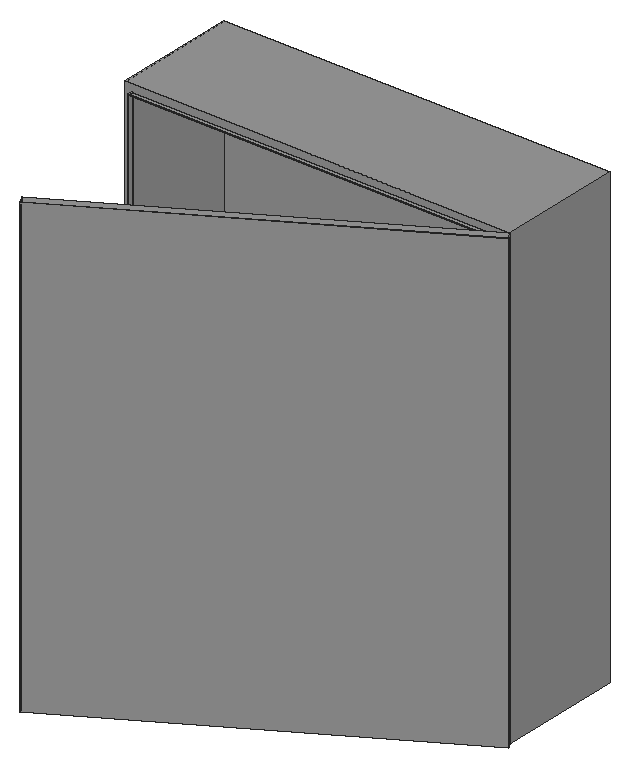
Revit family "Hager-Univers-IP55-D275-H950-Cl.II-Steel_encl-NoHosted-AT-de", category Equipement électrique, Revit 2020
Family settings
  Configuration du panneau = Deux colonnes, circuits au sein
  Cote de connecteur circulaire = Utiliser le diamètre
  Type d'élément = Tableau de raccordement
  Basée sur le plan de construction = Oui
  Toujours verticalement = Oui
  Couper avec des vides une fois chargée = Non
  Partagée = Non
  Point de calcul de pièce = Non
Parameters (values of type "Aufputz IP55 B800 H950 T275  - FR63S")
  Width Control [instance] = if([EF000008 - Breite] > Min Width, [EF000008 - Breite], Min Width)  # 800 mm
  Commentaires du type = [HG000003 - Bereich]  # "Univers"
  Thickness Door [instance] = if([EF009171 - Materialstärke Tür/Deckel] > 3 mm, 3 mm, [EF009171 - Materialstärke Tür/Deckel])  # 1.5 mm
  Seal Frame Offset [instance] = 17 mm  # constant formula
  Plinth Visibility [instance] = [HG000027 - Sockelhöhe] > 0 mm  # no
  Min Width [instance] = 100 mm  # constant formula
  Min Depth [instance] = (2 * [EF009170 - Materialstärke Gehäuse]) + 1 mm  # 4 mm
  Min Height [instance] = 100 mm  # constant formula
  Internal Frame Depth [instance] = (Door System Depth * 0.5)  # 9 mm
  Panel Name [instance] = ""  # (empty or 0)
  Model = ""
  HG000027 - Sockelhöhe = 0 mm
  HG000026 - Stehend auf dem Boden = no
  HG000024 - Höhe des unteren Teils = 600 mm
  HG000023 - Gehäuse mit doppeltem Querschnitt = no
  HG000016 - 3D-Türsichtbarkeit [instance] = yes
  HG000015 - Sichtbarkeit der Türöffnung [instance] = no
  HG000014 - Tür rechts [instance] = yes
  HG000013 - Tür links [instance] = not([HG000014 - Tür rechts])  # no
  HG000012 - Türschwenkwinkel [instance] = 30.00°
  HG000010 - Asymmetrische Türen = no
  HG000009 - Doppelflügeligen Tür = no
  HG000006 - Unterputz = no
  HG000004 - Herstellerreferenz = "FR63S"
  HG000003 - Bereich = "Univers"
  HG000002 - Mit tür = yes
  Frame Offset Bottom [instance] = 10 mm  # constant formula
  Frame Offset [instance] = 15 mm  # constant formula
  EF015940 - Deckel mit Überdruckentlastung = no
  EF011959 - Schutzart (NEMA) = ""
  EF009554 - Anzahl der Öffnungen für Flanschplatten = 6
  EF009212 - Ausführung Deckel = "EV000116 - geschlossen"
  EF009171 - Materialstärke Tür/Deckel = 1.5 mm
  EF009170 - Materialstärke Gehäuse = 1.5 mm
  EF008873 - Nennstrom (In) = 800 A
  EF007800 - Geeignet für Blitzschutz = no
  EF006306 - Mit Schloss = no
  EF006244 - Transparenter Deckel/Tür = no
  EF005474 - Schutzart (IP) = "EV006420 - IP55"
  EF004464 - Art der Tür = "EV002646 - Einzel"
  EF004427 - Anzahl der Module = 216
  EF004293 - Schlagfestigkeit = "EV008784 - IK10"
  EF003532 - Geeignet für Außengebrauch = no
  EF002950 - Breite in Teilungseinheiten = 24
  EF001613 - Funktionserhalt = "EV000494 - ohne"
  EF001596 - Werkstoff des Gehäuses = "EV000179 - Stahl"
  EF001131 - Innentiefe = 275 mm
  EF001088 - Anbaumöglichkeit = yes
  EF000437 - Anzahl der Leitungseinführungen = 6
  EF000339 - Art der Abdeckung = "EV004216 - Tür"
  EF000266 - Anzahl der Reihen = 6
  EF000218 - Einbautiefe = 0 mm
  EF000118 - Mit Montageplatte = no
  EF000116 - RAL-Nummer = "7035"
  EF000049 - Tiefe = 275 mm
  EF000040 - Höhe = 950 mm
  EF000008 - Breite = 800 mm
  EF000007 - Farbe = "EV000270 - grau"
  EF000003 - Montageart = "EV000384 - Aufputz"
  Door System Leaf Tolerance [instance] = 1.5 mm  # constant formula
  Door System Depth [instance] = 18 mm  # constant formula
  Door Height [instance] = Height Control - [HG000027 - Sockelhöhe]  # 950 mm
  Description = ""
  Default Elevation = 1219.2 mm
  Connector Offset [instance] = Height Control / 2  # 475 mm
  Fabricant = "Hager"  # constant formula
  Height Control [instance] = if([EF000040 - Höhe] > Min Height, [EF000040 - Höhe], Min Height)  # 950 mm
  Depth Control [instance] = if([EF000049 - Tiefe] > Min Depth, [EF000049 - Tiefe], Min Depth)  # 275 mm
  Bottom Top Plate Trim [instance] = 1.5 mm  # constant formula
  Plinth height Ctrl [instance] = if([HG000027 - Sockelhöhe] > 0 mm, [HG000027 - Sockelhöhe], 12 mm)  # 12 mm
Types (5, lengths in mm): name | Width Control | HG000010 - Asymmetrische Türen | HG000009 - Doppelflügeligen Tür | HG000004 - Herstellerreferenz | EF009554 - Anzahl der Öffnungen für Flanschplatten | EF004464 - Art der Tür | EF004427 - Anzahl der Module | EF000437 - Anzahl der Leitungseinführungen | EF000008 - Breite
  Aufputz IP55 B1050 H950 T275  - FR64S | 1050 | no | yes | "FR64S" | 8 | "EV003602 - Doppel" | 288 | 8 | 1050
  Aufputz IP55 B1300 H950 T275  - FR65S | 1300 | yes | yes | "FR65S" | 10 | "EV003602 - Doppel" | 360 | 10 | 1300
  Aufputz IP55 B300 H950 T275  - FR61S | 300 | no | no | "FR61S" | 2 | "EV002646 - Einzel" | 72 | 2 | 300
  Aufputz IP55 B550 H950 T275  - FR62S | 550 | no | no | "FR62S" | 4 | "EV002646 - Einzel" | 144 | 4 | 550
  Aufputz IP55 B800 H950 T275  - FR63S | 800 | no | no | "FR63S" | 6 | "EV002646 - Einzel" | 216 | 6 | 800
Reference planes
  plane 1 "Center (Front/Back)": y = 0
  plane 2: z = 0
  plane 3 "Center (Left/Right)": x = 0
  plane 4: y = 0
  plane 5: y = 0
  plane 6: z = 0
  plane 7: x = -400
  plane 8: x = 400
  plane 9: x = 398.5
  plane 10: x = -398.5
  plane 11: z = 0
  plane 12: z = 1.5
  plane 13: y = -275
  plane 14: y = -1.5
  plane 15: x = 0
  plane 16: y = -257
  plane 17: y = -273.5
  plane 18: y = -255.5
  plane 19: x = -383.5
  plane 20: x = 383.5
  plane 21: z = 11.5
  plane 22: x = -383
  plane 23: x = 383
  plane 24: z = 0
  plane 25: z = 950
  plane 26: z = 950
  plane 27: z = 933.5
  plane 28: z = 948.5
Forms (mm)
  Extrusion 1, solid, material "Hager_Steel_RAL7035_Light_Grey", detail levels medium+fine
    sketch origin (-208.679, -4572, 0) x (-1, 0, 0) y (0, -1, 0)
      loop
        line (191.321, -4315) -> (-608.679, -4315) -> (-608.679, -4572) -> (191.321, -4572) -> (191.321, -4315)
    from 0 to 950
  Extrusion 2, void
    sketch origin (-350.771, -275, 1219.2) x (1, 0, 0) y (0, 0, 1)
      loop
        line (-47.729, -270.7) -> (-47.729, -1217.7) -> (749.271, -1217.7) -> (749.271, -270.7) -> (-47.729, -270.7)
    from -19.5 to -273.5
  Extrusion 3, void
    sketch origin (-290.084, -257, 1219.2) x (1, 0, 0) y (0, 0, 1)
      loop
        line (-93.416, -1207.7) -> (673.584, -1207.7) -> (673.584, -285.7) -> (-93.416, -285.7) -> (-93.416, -1207.7)
    from 0 to -1.5
  Extrusion 4, solid, material "Hager_Steel_RAL7035_Light_Grey", visible <- "Plinth Visibility", detail levels medium+fine
    sketch origin (0, 0, 0) x (1, 0, 0) y (0, 1, 0)
      loop
        line (-400, 0) -> (-400, -257) -> (400, -257) -> (400, 0) -> (-400, 0)
    from 0 to 12 <- "Plinth height Ctrl"
  Extrusion 5, solid, material "Hager_Steel_RAL7035_Light_Grey", detail levels coarse
    sketch origin (0, 0, 0) x (1, 0, 0) y (0, 1, 0)
      loop
        line (-400, 0) -> (-400, -275) -> (400, -275) -> (400, 0) -> (-400, 0)
    from 0 to 950 <- "Height Control"
  Sweep 6, void
    path in 3D
      loop
        line (-400, -257, 12) -> (400, -257, 12) -> (400, 0, 12) -> (-400, 0, 12) -> (-400, -257, 12)
    profile origin (-400, -128.5, 12) x (1, 0, 0) y (0, 0, 1)
      loop
        line (0, 0) -> (0, -1.5) -> (1.5, -1.5)
        arc (1.5, -1.5) -> (1.061, -0.439) -> (0, 0) r 1.5
  Extrusion 7, solid, material "Hager_Steel_RAL7035_Light_Grey", detail levels fine
    sketch origin (-400, -257, 0) x (1, 0, 0) y (0, 0, 1)
      loop
        line (16.5, 11.5) -> (783.5, 11.5) -> (783.5, 933.5) -> (16.5, 933.5) -> (16.5, 11.5)
      loop
        line (15, 10) -> (785, 10) -> (785, 935) -> (15, 935) -> (15, 10)
    from 0 to 9 <- "Internal Frame Depth"
Cuts and joins
  Extrusion 2, Extrusion 3 cuts Extrusion 1
  Sweep 6 cuts Extrusion 4
Lines and regions (mm)
  Masking region 1
    outline origin (0, 0, 0) x (1, 0, 0) y (0, 1, 0)
      loop
        line (-400, 0) -> (-400, -275) -> (400, -275) -> (400, 0) -> (-400, 0)
  Masking region 2, detail levels coarse
    outline origin (-290.084, -257, 1219.2) x (-1, 0, 0) y (0, 0, 1)
      loop
        line (-690.084, -1219.2) -> (109.916, -1219.2) -> (109.916, -269.2) -> (-690.084, -269.2) -> (-690.084, -1219.2)
  Masking region 3, detail levels coarse
    outline origin (0, 0, 0) x (0, 1, 0) y (0, 0, 1)
      loop
        line (0, 0) -> (0, 950) -> (-275, 950) -> (-275, 0) -> (0, 0)
  Masking region 4, visible <- "Plinth Visibility", detail levels medium+fine
    outline origin (0, 0, 0) x (0, 1, 0) y (0, 0, 1)
      loop
        line (-1.5, 12) -> (-255.5, 12)
        arc (-255.5, 12) -> (-255.939, 10.939) -> (-257, 10.5) r 1.5
        line (-257, 10.5) -> (-257, 0) -> (0, 0) -> (0, 10.5)
        arc (0, 10.5) -> (-1.061, 10.939) -> (-1.5, 12) r 1.5
  Masking region 5, detail levels medium+fine
    outline origin (0, 0, 594.038) x (0, 1, 0) y (0, 0, 1)
      loop
        line (0, -594.038) -> (0, 355.962) -> (-257, 355.962) -> (-257, -594.038) -> (0, -594.038)
  Masking region 6, detail levels medium+fine
    outline origin (-359.7, -257, 1211.883) x (-1, 0, 0) y (0, 0, 1)
      loop
        line (-759.7, -1211.883) -> (40.3, -1211.883) -> (40.3, -261.883) -> (-759.7, -261.883) -> (-759.7, -1211.883)
  Masking region 7, visible <- "Plinth Visibility", detail levels medium+fine
    outline origin (-320.334, -257, 1041.368) x (-1, 0, 0) y (0, 0, 1)
      loop
        line (-720.334, -1041.368) -> (79.666, -1041.368) -> (79.666, -1030.868)
        arc (79.666, -1030.868) -> (78.606, -1030.429) -> (78.166, -1029.368) r 1.5
        line (78.166, -1029.368) -> (-718.834, -1029.368)
        arc (-718.834, -1029.368) -> (-719.273, -1030.429) -> (-720.334, -1030.868) r 1.5
        line (-720.334, -1030.868) -> (-720.334, -1041.368)
  sketch lines
    curve 1: line (-400, 0, 12) -> (-400, -257, 12)
    curve 2: line (-400, -257, 12) -> (400, -257, 12)
    curve 3: line (400, 0, 12) -> (-400, 0, 12)
    curve 4: line (400, -257, 12) -> (400, 0, 12)
Dimensions and locks
  locked: plane 1 "Center (Front/Back)" to plane 5
  "EF009170 - Materialstärke Gehäuse": plane 7 to plane 10
  "EF009170 - Materialstärke Gehäuse": plane 8 to plane 9
  equal spacing: plane 7, plane 3 "Center (Left/Right)", plane 8
  "Width Control": plane 7 to plane 8
  "Depth Control": plane 4 to plane 13
  "EF009170 - Materialstärke Gehäuse": plane 4 to plane 14
  "Height Control": plane 25 to level
  "HG000027 - Sockelhöhe": plane 11 to level
  "EF009170 - Materialstärke Gehäuse": plane 12 to plane 11
  "EF009170 - Materialstärke Gehäuse": plane 17 to plane 13
  "EF009170 - Materialstärke Gehäuse": plane 18 to plane 16
  "Frame Offset Bottom": plane 21 to plane 12
  "Frame Offset": plane 10 to plane 19
  "Frame Offset": plane 9 to plane 20
  "Door System Depth": plane 16 to plane 13
  "Seal Frame Offset": plane 7 to plane 22
  "Seal Frame Offset": plane 8 to plane 23
  "EF009170 - Materialstärke Gehäuse": plane 26 to plane 28
  "Frame Offset": plane 28 to plane 27
  "Connector Offset": plane 2 to connector elem
  "Bottom Top Plate Trim": profile plane to Sweep 6 sketch curve
  "Bottom Top Plate Trim": Sweep 6 sketch curve to Sweep 6 sketch curve
  "Plinth height Ctrl": Masking region 4 sketch curve to level
  "Plinth height Ctrl": Masking region 7 sketch curve to level
  "Thickness Door": Extrusion 7 sketch curve to Extrusion 7 sketch curve  (x4)
  "Bottom Top Plate Trim": radius of Sweep 6 sketch curve
  "Bottom Top Plate Trim": radius of Masking region 4 sketch curve  (x2)
  "Bottom Top Plate Trim": radius of Masking region 7 sketch curve  (x2)
  aligned and locked: Extrusion 2 sketch curve to plane 12
  aligned and locked: Extrusion 2 sketch curve to plane 9
  aligned and locked: Extrusion 2 sketch curve to plane 10
  aligned and locked: Extrusion 2 to plane 14
  aligned and locked: Extrusion 1 sketch curve to plane 4
  aligned and locked: plane 8 to Extrusion 1 sketch curve
  aligned and locked: plane 7 to Extrusion 1 sketch curve
  aligned and locked: Extrusion 2 to plane 18
  aligned and locked: Extrusion 3 sketch curve to plane 19
  aligned and locked: plane 20 to Extrusion 3 sketch curve
  aligned and locked: Extrusion 3 to Extrusion 2
  aligned and locked: Extrusion 3 sketch curve to plane 21
  aligned and locked: plane 3 "Center (Left/Right)" to nested 1
  aligned and locked: Extrusion 1 sketch curve to plane 16
  aligned and locked: Extrusion 4 sketch curve to cut or joined group of Extrusion 1, Extrusion 2, Extrusion 3
  aligned and locked: Masking region 1 sketch curve to plane 7
  aligned and locked: Masking region 1 sketch curve to plane 5
  aligned and locked: Masking region 1 sketch curve to plane 8
  aligned and locked: Masking region 2 sketch curve to level
  aligned and locked: level to Masking region 3 sketch curve
  aligned and locked: plane 1 "Center (Front/Back)" to Masking region 3 sketch curve
  aligned and locked: plane 13 to Masking region 3 sketch curve
  aligned and locked: plane 5 to Masking region 4 sketch curve
  aligned and locked: Masking region 2 sketch curve to plane 8
  aligned and locked: Masking region 2 sketch curve to plane 7
  aligned and locked: plane 7 to nested 2
  aligned and locked: nested 2 to plane 5
  aligned and locked: plane 5 to Masking region 5 sketch curve
  aligned and locked: plane 26 to Masking region 5 sketch curve
  aligned and locked: Extrusion 5 sketch curve to plane 8
  aligned and locked: Extrusion 5 sketch curve to plane 7
  aligned and locked: Extrusion 5 sketch curve to plane 5
  aligned and locked: Extrusion 3 sketch curve to plane 27
  aligned and locked: Extrusion 2 sketch curve to plane 28
  aligned and locked: Masking region 2 to plane 25
  aligned and locked: Extrusion 4 to plane 16
  aligned and locked: profile plane to Sweep 6 sketch curve
  aligned and locked: Masking region 5 sketch curve to plane 24
  aligned and locked: level to Masking region 4 sketch curve
  aligned and locked: Masking region 1 to plane 13
  aligned and locked: nested 1 to plane 16
  aligned and locked: Masking region 3 to plane 25
  aligned and locked: plane 16 to Masking region 4 sketch curve
  aligned and locked: Masking region 5 sketch curve to plane 16
  aligned and locked: plane 24 to plane 11
  aligned and locked: plane 26 to plane 25
  aligned and locked: plane 26 to cut or joined group of Extrusion 1, Extrusion 2, Extrusion 3
  aligned and locked: nested 1 to plane 24
  aligned and locked: Extrusion 1 to Extrusion 3
  aligned and locked: Masking region 6 sketch curve to plane 8
  aligned and locked: Masking region 6 sketch curve to plane 24
  aligned and locked: Masking region 6 sketch curve to plane 7
  aligned and locked: Masking region 6 sketch curve to plane 26
  aligned and locked: Masking region 7 sketch curve to plane 7
  aligned and locked: level to Masking region 7 sketch curve
  aligned and locked: Masking region 7 sketch curve to plane 8
  aligned and locked: Extrusion 7 sketch curve to cut or joined group of Extrusion 1, Extrusion 2, Extrusion 3  (x4)
Automatic sketch dimensions
  plane 19 to Extrusion 3 sketch curve = 0 mm
  Extrusion 3 sketch curve to plane 20 = 0 mm
  Extrusion 3 sketch curve to plane 21 = 0 mm
  Extrusion 4 sketch curve to plane 7 = 0 mm
  Extrusion 4 sketch curve to plane 8 = 0 mm
  Extrusion 4 sketch curve to plane 16 = 0 mm
  Masking region 1 sketch curve to plane 13 = 0 mm
  Masking region 2 sketch curve to plane 25 = 0 mm
  Masking region 3 sketch curve to plane 25 = 0 mm
  Extrusion 5 sketch curve to plane 13 = 0 mm
  profile plane to Sweep 6 sketch curve = 0 mm
Nested families
  nested 1: "EC000058_Univers_Door" at (0, -257, 0), Double <- "HG000009 - Doppelflügeligen Tür", Transparent <- "EF006244 - Transparenter Deckel/Tür", Angle <- "HG000012 - Türschwenkwinkel", Door_Right <- "HG000014 - Tür rechts", Assymetrical <- "HG000010 - Asymmetrische Türen", Door <- "HG000002 - Mit tür", Width_Ctrl <- "Width Control", 3d_Door <- "HG000016 - 3D-Türsichtbarkeit", Clearance <- "HG000015 - Sichtbarkeit der Türöffnung", Door_Left <- "HG000013 - Tür links", Width <- "Width Control", Door_Depth <- "Door System Depth", Leaf_Tolerance <- "Door System Leaf Tolerance", Height <- "Door Height", Lock_Visibility <- "EF006306 - Mit Schloss", Thickness <- "Thickness Door", type "EC000058_Univers_Door", detail levels medium+fine
    with min_wh 4 mm, Width_Ctrl 800 mm, Width 800 mm, Transparent no, Thickness 1.5 mm, Seal_Material Hager_Rubber, Lock_Visibility no, Lock_Material Hager_Plastic_RAL9005_Jet_Black, Leaf_Width 800 mm, Leaf_Tolerance_External_Sides 0 mm, Leaf_Tolerance 1.5 mm, Leaf_Offset 0 mm, Leaf_Height 947 mm, Leaf_2_Width 800 mm, Leaf_2_Offset 400 mm, Leaf_1_Width 800 mm, Leaf_1_Offset 400 mm, Height_Ctrl 950 mm, Height 950 mm, Glass_Material Hager_Glass, Double_Clearance_Ctrl no, Double no, Door_Right_Ctrl yes, Door_Right yes, Door_Material Hager_Steel_RAL7035_Light_Grey, Door_Left_Ctrl no, Door_Left no, Door_Depth 18 mm, Door yes, Clearance_Material Hager_Clearance, Clearance_Depth 800 mm, Clearance_Ctrl no, Clearance no, Assymetrical no, Angle 30.00°, 3d_Door yes
  nested 2: "Hager_Enclosure_Symbol" at (-400, 0, 0), Height <- "Depth Control", Width <- "Width Control", type "Hager_Enclosure_Symbol"
    with Width_Ctrl 800 mm, Width 800 mm, Height_Ctrl 275 mm, Height 275 mm, A_Width_Int 18.047 mm, A_Width 216.562 mm, A_Height_Ctrl 240.625 mm, A_Height 240.625 mm
Connectors
  electrical at (0, 0, 475)
    settings: on plane 1 "Center (Front/Back)", index 1, voltage 0 V, apparent load 0 VA, apparent load phase1 0 VA, apparent load phase2 0 VA, apparent load phase3 0 VA, power factor 1, load classification "Other", number of poles 1, system type 30, power factor state 1, is connector primary yes, connector utility no, sub classification motor no, connector description ""
Definition of nested family "EC000058_Univers_Door"
  Parameters (values of type "EC000058_Univers_Door")
    min_wh [instance] = (2 * Thickness) + 1 mm  # 11 mm
    Width_Ctrl [instance] = 400 mm
    Width [instance] = 500 mm
    Transparent [instance] = yes
    Thickness [instance] = 5 mm
    Seal_Material [instance] = none
    Lock_Visibility [instance] = yes
    Lock_Material [instance] = none
    Leaf_Width [instance] = if((Width_Ctrl - 2 * Leaf_Tolerance_External_Sides) > 0 mm, (Width_Ctrl - 2 * Leaf_Tolerance_External_Sides), min_wh)  # 400 mm
    Leaf_Tolerance_External_Sides [instance] = 0 mm  # constant formula
    Leaf_Tolerance [instance] = 1.5 mm
    Leaf_Offset [instance] = 0 mm  # constant formula
    Leaf_Height [instance] = if((Height_Ctrl - 2 * Leaf_Tolerance) > 0 mm, (Height_Ctrl - 2 * Leaf_Tolerance), min_wh)  # 497 mm
    Leaf_2_Width [instance] = if(and(and(Double, Assymetrical), Door_Left), (Leaf_Width / 3) - (Leaf_Tolerance / 2), if(and(and(Double, Assymetrical), Door_Right), (Leaf_Width / 3) * 2 - (Leaf_Tolerance / 2), if(and(Double, not(Assymetrical)), (Leaf_Width / 2) - Leaf_Tolerance, Leaf_Width)))  # 400 mm
    Leaf_2_Offset [instance] = if(and(Double, Assymetrical), Leaf_2_Width / 2, if(and(Double, not(Assymetrical)), Leaf_Width / 4, Leaf_Width / 2))  # 200 mm
    Leaf_1_Width [instance] = if(and(and(Double, Assymetrical), Door_Right), (Leaf_Width / 3) - (Leaf_Tolerance / 2), if(and(and(Double, Assymetrical), Door_Left), (Width / 3) * 2 - (Leaf_Tolerance / 2), if(and(Double, not(Assymetrical)), (Leaf_Width / 2) - Leaf_Tolerance, Leaf_Width)))  # 400 mm
    Leaf_1_Offset [instance] = if(and(Double, Assymetrical), Leaf_1_Width / 2, if(and(Double, not(Assymetrical)), Leaf_Width / 4, Leaf_Width / 2))  # 200 mm
    Height_Ctrl [instance] = if(Height > min_wh, Height, min_wh)  # 500 mm
    Height [instance] = 500 mm
    Glass_Material [instance] = none
    Double_Clearance_Ctrl [instance] = and(Double, Clearance)  # no
    Double [instance] = no
    Door_Right_Ctrl [instance] = and(or(Door_Right, Double), Door)  # yes
    Door_Right [instance] = yes
    Door_Material [instance] = none
    Door_Left_Ctrl [instance] = and(or(Door_Left, Double), Door)  # no
    Door_Left [instance] = no
    Door_Depth [instance] = 30 mm
    Door [instance] = yes
    Default Elevation = 1219.2 mm
    Clearance_Material [instance] = none
    Clearance_Depth [instance] = if(Leaf_1_Width > Leaf_2_Width, Leaf_1_Width, Leaf_2_Width)  # 400 mm
    Clearance_Ctrl [instance] = and(not(Double), Clearance)  # yes
    Clearance [instance] = yes
    Assymetrical [instance] = yes
    Angle [instance] = 30.00°
    3d_Door [instance] = yes
  Reference planes
    plane 1 "Center (Front/Back)": y = 0
    plane 2 "Bottom": z = 0
    plane 3 "Center (Left/Right)": x = 0
    plane 4: z = 500
    plane 5: x = -200
    plane 6: x = 200
    plane 7: z = 500
    plane 8: x = -200
    plane 9: z = 0
    plane 10: x = 200
    plane 11: y = 0
    plane 12: z = 1.5
    plane 13: x = -600
    plane 14: y = -400
    plane 15: x = 600
    plane 16: x = 0
    plane 17: x = 0
    plane 18: x = -200
    plane 19: x = 200
    plane 20: z = 498.5
  Forms (mm)
    Extrusion 1, solid, material <- "Clearance_Material", visible <- "Double_Clearance_Ctrl"
      sketch origin (1200, 0, 0) x (1, 0, 0) y (0, 0, -1)
        loop
          line (-1800, -498.5) -> (-600, -498.5) -> (-600, 0) -> (-1800, 0) -> (-1800, -498.5)
      from 0 to -400
  Dimensions and locks
    equal spacing: plane 5, plane 3 "Center (Left/Right)", plane 6
    "Width_Ctrl": plane 5 to plane 6
    "Leaf_Offset": plane 5 to plane 8
    "Leaf_Offset": plane 6 to plane 10
    "Leaf_Offset": plane 9 to level
    "Leaf_Offset": plane 4 to plane 7
    "Height_Ctrl": plane 4 to level
    "Leaf_Tolerance": plane 12 to plane 9
    locked: plane 11 to plane 1 "Center (Front/Back)"
    "Leaf_1_Offset": plane 18 to plane 16
    "Leaf_2_Offset": plane 17 to plane 19
    "Leaf_1_Width": plane 13 to plane 8
    "Leaf_2_Width": plane 10 to plane 15
    "Clearance_Depth": plane 14 to plane 1 "Center (Front/Back)"
    "Leaf_Tolerance_External_Sides": plane 8 to plane 18
    "Leaf_Tolerance_External_Sides": plane 19 to plane 10
    "Leaf_Tolerance": plane 7 to plane 20
    aligned and locked: level to plane 2 "Bottom"
    aligned and locked: nested 1 to plane 16
    aligned and locked: nested 2 to plane 17
    aligned and locked: Extrusion 1 to plane 13
    aligned and locked: plane 15 to Extrusion 1
    aligned and locked: Extrusion 1 to plane 14
    aligned and locked: plane 12 to nested 1
    aligned and locked: nested 2 to plane 12
    aligned and locked: Extrusion 1 to plane 11
    aligned and locked: plane 20 to Extrusion 1
    aligned and locked: nested 2 to plane 11
    aligned and locked: nested 1 to plane 11
  Automatic sketch dimensions
    Extrusion 1 sketch curve to level = 0 mm
    plane 5 to Extrusion 1 sketch curve = 400 mm
    plane 6 to Extrusion 1 sketch curve = 400 mm
    Extrusion 1 sketch curve to plane 4 = 1.5 mm
  Nested families
    nested 1: "EC000058_Univers_Door_Leaf" at (0, 0, 1.5), Width <- "Leaf_1_Width", visible <- "Door_Left_Ctrl", Leaf_Height <- "Leaf_Height", Angle <- "Angle", 3d_Door <- "3d_Door", Transparent <- "Transparent", Clearance Material <- "Clearance_Material", Clearance <- "Clearance_Ctrl", Door_Material <- "Door_Material", Glass_Material <- "Glass_Material", Door_Depth <- "Door_Depth", Lock_Material <- "Lock_Material", Seal_Material <- "Seal_Material", Lock_Visibility <- "Lock_Visibility", Thickness <- "Thickness", type "EC000058_Univers_Door_Leaf"
      with Width 400 mm, Transparent_Glass_Offset 30 mm, Transparent_Ctrl yes, Transparent yes, Thickness 5 mm, Standard no, Seal_Material none, Seal_D2 8 mm, Seal_D1 1 mm, Offset_Internal_Frame 10 mm, Lock_Width 20 mm, Lock_Visibility_3d yes, Lock_Visibility yes, Lock_Thickness_3 3 mm, Lock_Thickness_2 1 mm, Lock_Thickness_1 3 mm, Lock_Radius_Offset_2 16 mm, Lock_Radius_Offset_1 15 mm, Lock_Radius_2 5 mm, Lock_Radius 6 mm, Lock_Offset 5 mm, Lock_Material none, Lock_Height 80 mm, Lock_Cover_Top_Offset_2d 17 mm, Lock_Cover_Height -65 mm, Leaf_Height 497 mm, Internal_Seal_Thickness 8 mm, Internal_Seal_Depth_2 4.5 mm, Internal_Frame_Depth 25 mm, Glass_Thickness -1 mm, Glass_Offset -2 mm, Glass_Material none, Door_Material none, Door_Depth 30 mm, Clearance Material none, Clearance yes, Angle_Ctrl 30.00°, Angle 30.00°, 3d_Door yes
    nested 2: "EC000058_Univers_Door_Leaf" at (0, 0, 1.5) x (-1, 0, 0) z (0, 0, 1), Width <- "Leaf_2_Width", visible <- "Door_Right_Ctrl", Leaf_Height <- "Leaf_Height", Angle <- "Angle", 3d_Door <- "3d_Door", Transparent <- "Transparent", Clearance Material <- "Clearance_Material", Clearance <- "Clearance_Ctrl", Door_Material <- "Door_Material", Glass_Material <- "Glass_Material", Door_Depth <- "Door_Depth", Lock_Material <- "Lock_Material", Seal_Material <- "Seal_Material", Lock_Visibility <- "Lock_Visibility", Thickness <- "Thickness", type "EC000058_Univers_Door_Leaf"
      with Width 400 mm, Transparent_Glass_Offset 30 mm, Transparent_Ctrl yes, Transparent yes, Thickness 5 mm, Standard no, Seal_Material none, Seal_D2 8 mm, Seal_D1 1 mm, Offset_Internal_Frame 10 mm, Lock_Width 20 mm, Lock_Visibility_3d yes, Lock_Visibility yes, Lock_Thickness_3 3 mm, Lock_Thickness_2 1 mm, Lock_Thickness_1 3 mm, Lock_Radius_Offset_2 16 mm, Lock_Radius_Offset_1 15 mm, Lock_Radius_2 5 mm, Lock_Radius 6 mm, Lock_Offset 5 mm, Lock_Material none, Lock_Height 80 mm, Lock_Cover_Top_Offset_2d 17 mm, Lock_Cover_Height -65 mm, Leaf_Height 497 mm, Internal_Seal_Thickness 8 mm, Internal_Seal_Depth_2 4.5 mm, Internal_Frame_Depth 25 mm, Glass_Thickness -1 mm, Glass_Offset -2 mm, Glass_Material none, Door_Material none, Door_Depth 30 mm, Clearance Material none, Clearance yes, Angle_Ctrl 30.00°, Angle 30.00°, 3d_Door yes
  Definition of nested family "EC000058_Univers_Door_Leaf"
    Parameters (values of type "EC000058_Univers_Door_Leaf")
      Width [instance] = 2000 mm
      Transparent_Glass_Offset [instance] = 30 mm
      Transparent_Ctrl [instance] = and(Transparent, [3d_Door])  # yes
      Transparent [instance] = yes
      Thickness [instance] = 5 mm
      Standard [instance] = and(not(Transparent), [3d_Door])  # no
      Seal_Material [instance] = none
      Seal_D2 [instance] = 8 mm  # constant formula
      Seal_D1 [instance] = 1 mm  # constant formula
      Offset_Internal_Frame [instance] = 10 mm  # constant formula
      Lock_Width [instance] = 20 mm  # constant formula
      Lock_Visibility_3d [instance] = and(Lock_Visibility, [3d_Door])  # yes
      Lock_Visibility [instance] = yes
      Lock_Thickness_3 [instance] = 3 mm  # constant formula
      Lock_Thickness_2 [instance] = 1 mm  # constant formula
      Lock_Thickness_1 [instance] = 3 mm  # constant formula
      Lock_Radius_Offset_2 [instance] = Lock_Radius_Offset_1 + 1 mm  # 16 mm
      Lock_Radius_Offset_1 [instance] = 15 mm  # constant formula
      Lock_Radius_2 [instance] = Lock_Radius - 1 mm  # 5 mm
      Lock_Radius [instance] = 6 mm  # constant formula
      Lock_Offset [instance] = 5 mm  # constant formula
      Lock_Material [instance] = none
      Lock_Height [instance] = 80 mm  # constant formula
      Lock_Cover_Top_Offset_2d [instance] = Lock_Radius_Offset_2 + 1 mm  # 17 mm
      Lock_Cover_Height [instance] = -(Lock_Height - Lock_Radius_Offset_1)  # -65 mm
      Leaf_Height [instance] = 2720.336 mm
      Internal_Seal_Thickness [instance] = 8 mm  # constant formula
      Internal_Seal_Depth_2 [instance] = 4.5 mm  # constant formula
      Internal_Frame_Depth [instance] = if(Door_Depth - Thickness > 5 mm, Door_Depth - Thickness, 5 mm)  # 25 mm
      Glass_Thickness [instance] = if(Thickness > 15 mm, Glass_Offset + 10 mm, -1 mm)  # -1 mm
      Glass_Offset [instance] = if(Thickness > 15 mm, -(Thickness + 10 mm) / 2, -2 mm)  # -2 mm
      Glass_Material [instance] = none
      Door_Material [instance] = none
      Door_Depth [instance] = 30 mm
      Default Elevation = 0 mm
      Clearance Material [instance] = none
      Clearance [instance] = yes
      Angle_Ctrl [instance] = if(Angle > 180.00°, 180.00°, Angle)  # 90.00°
      Angle [instance] = 90.00°
      3d_Door [instance] = yes
    Reference planes
      plane 1 "Center (Front/Back)": y = 0
      plane 2: z = 0
      plane 3 "Center (Left/Right)": x = 0
      plane 4: y = 2000
      plane 5: x = -1000
      plane 6: x = 1000
      plane 7: x = -3000
      plane 8: z = 2720.336
      plane 9: z = 30
      plane 10: z = 2690.336
      plane 11: x = 970
      plane 12: x = -970
      plane 13: y = -3
      plane 14: z = 107.833
      plane 15: y = -5
      plane 16: y = -223.314
      plane 17: x = -1000
      plane 18: z = 1360.168
      plane 19: y = 30
    Forms (mm)
      Extrusion 1, solid, material <- "Clearance Material", visible <- "Clearance"
        sketch origin (0, 0, 0) x (1, 0, 0) y (0, 0, 1)
          loop
            line (-3000, 2720.336) -> (-3000, 0) -> (1000, 0) -> (1000, 2720.336) -> (-3000, 2720.336)
        from 0 to -2000
      Extrusion 2, solid, material <- "Door_Material", visible <- "Standard", detail levels medium+fine
        sketch origin (-1000, 0, 0) x (0, 1, 0) y (-1, 0, 0)
          loop
            line (0, 30) -> (0, 25) -> (2000, 25) -> (2000, 30) -> (0, 30)
        from 0 to 2720.336 <- "Leaf_Height"
      Extrusion 3, solid, material <- "Door_Material", visible <- "Transparent_Ctrl", detail levels medium+fine
        sketch origin (-1000, 0, 0) x (0, 1, 0) y (-1, 0, 0)
          loop
            line (0, 25) -> (2000, 25) -> (2000, 30) -> (0, 30) -> (0, 25)
        from 0 to 2720.336 <- "Leaf_Height"
      Extrusion 4, void
        sketch origin (-1025, 2000, 0) x (0, 1, 0) y (0, 0, -1)
          loop
            line (-30, -2690.336) -> (-30, -30) -> (-1970, -30) -> (-1970, -2690.336) -> (-30, -2690.336)
        from 0 to 5 <- "Thickness"
      Sweep 5, solid, material <- "Seal_Material", visible <- "Transparent_Ctrl", detail levels fine
        path in 3D
          loop
            line (-1025, 30, 30) -> (-1025, 30, 2690.336) -> (-1025, 1970, 2690.336) -> (-1025, 1970, 30) -> (-1025, 30, 30)
        profile origin (-1025, 1000, 30) x (1, 0, 0) y (0, 0, 1)
          loop
            line (0, 0) -> (0, -8) -> (1, -8) -> (1, 0) -> (0, 0)
      Extrusion 6, solid, material <- "Glass_Material", visible <- "Transparent_Ctrl", detail levels medium+fine
        sketch origin (-1030, 0, 0) x (0, 1, 0) y (0, 0, -1)
          loop
            line (1970, -2690.336) -> (1970, -30) -> (30, -30) -> (30, -2690.336) -> (1970, -2690.336)
        from -2 <- "Glass_Offset" to -1 <- "Glass_Thickness"
      Extrusion 7, solid, material <- "Door_Material", visible <- "3d_Door", detail levels medium+fine
        sketch origin (-1025, 2000, 0) x (0, -1, 0) y (0, 0, -1)
          loop
            line (0, -2720.336) -> (2000, -2720.336) -> (2000, 0) -> (0, 0) -> (0, -2720.336)
          loop
            line (1995, -5) -> (5, -5) -> (5, -2715.336) -> (1995, -2715.336) -> (1995, -5)
        from 0 to 25 <- "Internal_Frame_Depth"
      Sweep 8, solid, material <- "Seal_Material", visible <- "Transparent_Ctrl", detail levels fine
        path in 3D
          loop
            line (-1025, 0, 0) -> (-1025, 2000, 0) -> (-1025, 2000, 2720.336) -> (-1025, 0, 2720.336) -> (-1025, 0, 0)
        profile origin (-1025, 0, 1360.168) x (1, 0, 0) y (0, 1, 0)
          loop
            line (0, 10) -> (2.975, 10)
            arc (2.975, 10) -> (4.053, 10.447) -> (4.5, 11.525) r 1.525
            line (4.5, 11.525) -> (4.5, 16.527)
            arc (4.5, 16.527) -> (4.069, 17.569) -> (3.027, 18) r 1.473
            line (3.027, 18) -> (0, 18) -> (0, 10)
      Extrusion 9, solid, material <- "Lock_Material", visible <- "Lock_Visibility_3d", detail levels fine
        sketch origin (-1030, 0, 0) x (0, 1, 0) y (0, 0, -1)
          loop
            arc (1993.5, -1400.168) -> (1994.561, -1399.729) -> (1995, -1398.668) r 1.5
            line (1995, -1398.668) -> (1995, -1320.168) -> (1975, -1320.168) -> (1975, -1398.668)
            arc (1975, -1398.668) -> (1975.439, -1399.729) -> (1976.5, -1400.168) r 1.5
            line (1976.5, -1400.168) -> (1993.5, -1400.168)
        from 3 <- "Lock_Thickness_1" to 0
      Blend 10, solid, material <- "Lock_Material", visible <- "Lock_Visibility_3d", detail levels fine
        base sketch origin (-1033, 0, 0) x (0, 1, 0) y (0, 0, -1)
          loop
            line (1975, -1320.168) -> (1975, -1398.668)
            arc (1975, -1398.668) -> (1975.439, -1399.729) -> (1976.5, -1400.168) r 1.5
            line (1976.5, -1400.168) -> (1993.5, -1400.168)
            arc (1993.5, -1400.168) -> (1994.561, -1399.729) -> (1995, -1398.668) r 1.5
            line (1995, -1398.668) -> (1995, -1320.168) -> (1975, -1320.168)
        top sketch origin (-1033, 0, 0) x (0, 1, 0) y (0, 0, -1)
          loop
            line (1976, -1320.168) -> (1976, -1398.668)
            arc (1976, -1398.668) -> (1976.146, -1399.022) -> (1976.5, -1399.168) r 0.5
            line (1976.5, -1399.168) -> (1993.5, -1399.168)
            arc (1993.5, -1399.168) -> (1993.854, -1399.022) -> (1994, -1398.668) r 0.5
            line (1994, -1398.668) -> (1994, -1320.168) -> (1976, -1320.168)
        from 0 to 1 <- "Lock_Thickness_2"
      Blend 11, solid, material <- "Lock_Material", visible <- "Lock_Visibility_3d", detail levels fine
        base sketch origin (-1034, 0, 0) x (0, 1, 0) y (0, 0, -1)
          loop
            line (1978, -1320.168) -> (1978, -1384.168)
            arc (1978, -1384.168) -> (1985, -1391.168) -> (1992, -1384.168) r 7
            line (1992, -1384.168) -> (1992, -1320.168) -> (1978, -1320.168)
        top sketch origin (-1034, 0, 0) x (0, 1, 0) y (0, 0, -1)
          loop
            line (1991, -1320.168) -> (1979, -1320.168) -> (1979, -1383.168)
            arc (1979, -1383.168) -> (1985, -1389.168) -> (1991, -1383.168) r 6
            line (1991, -1383.168) -> (1991, -1320.168)
        from 0 to 3 <- "Lock_Thickness_3"
      Extrusion 12, solid, material <- "Lock_Material", visible <- "Lock_Visibility_3d", detail levels fine
        sketch origin (-1030, 1975, 1320.168) x (1, 0, 0) y (0, -1, 0)
          loop
            line (-7, -19) -> (-7, -1) -> (0, -1) -> (0, 0) -> (-8, 0) -> (-8, -20) -> (0, -20) -> (0, -19) -> (-7, -19)
        from 0 to -65 <- "Lock_Cover_Height"
      Extrusion 13, void
        sketch origin (-1038, 1995, 1320.168) x (-1, 0, 0) y (0, 0, -1)
          loop
            line (-5, -65) -> (0, -65) -> (-5, -60) -> (-5, -65)
        from 0 to 20 <- "Lock_Width"
      Extrusion 14, void
        sketch origin (-1038, 1975, 1320.168) x (0, -1, 0) y (0, 0, -1)
          loop
            circle (-10, -15.995) r 6
          loop
            circle (-10, -15.995) r 5
        from 0 to 2
      Extrusion 15, solid, material <- "Lock_Material", visible <- "Lock_Visibility_3d", detail levels medium
        sketch origin (-1030, 0, 0) x (0, 1, 0) y (0, 0, -1)
          loop
            arc (1993.5, -1400.168) -> (1994.561, -1399.729) -> (1995, -1398.668) r 1.5
            line (1995, -1398.668) -> (1995, -1320.168) -> (1975, -1320.168) -> (1975, -1398.668)
            arc (1975, -1398.668) -> (1975.439, -1399.729) -> (1976.5, -1400.168) r 1.5
            line (1976.5, -1400.168) -> (1993.5, -1400.168)
        from 8 to 0
    Cuts and joins
      Extrusion 4 cuts Extrusion 3
      Extrusion 13, Extrusion 14 cuts Extrusion 9
      Extrusion 14 cuts Blend 11
      Extrusion 13, Extrusion 14 cuts Extrusion 12
      joined: Extrusion 9, Blend 10, Blend 11, Extrusion 12
      Extrusion 14 cuts Extrusion 15
    Lines and regions (mm)
      Masking region 1, visible <- "Lock_Visibility", detail levels fine
        outline origin (0, 0, 0) x (0, 1, 0) y (0, 0, 1)
          loop
            line (30, 1320.168) -> (33, 1320.168) -> (33, 1400.168) -> (30, 1400.168) -> (30, 1320.168)
      Masking region 2, visible <- "Lock_Visibility", detail levels fine
        outline origin (0, 3.143, 0) x (0, 1, 0) y (0, 0, 1)
          loop
            line (29.857, 1354.168) -> (30.857, 1354.168) -> (30.857, 1366.168) -> (29.857, 1366.168) -> (29.857, 1354.168)
      Masking region 3, detail levels medium+fine
        outline origin (0, 0, 0) x (0, 1, 0) y (0, 0, 1)
          loop
            line (0, 0) -> (30, 0) -> (30, 2720.336) -> (0, 2720.336) -> (0, 0)
      Masking region 4, detail levels medium+fine
        outline origin (0, 0, 0) x (1, 0, 0) y (0, 0, 1)
          loop
            line (-1000, 2720.336) -> (-1000, 0) -> (1000, 0) -> (1000, 2720.336) -> (-1000, 2720.336)
      Masking region 5, visible <- "Lock_Visibility", detail levels fine
        outline origin (-47.116, 0, 0) x (1, 0, 0) y (0, 0, 1)
          loop
            arc (1024.616, 1399.168) -> (1023.556, 1398.729) -> (1023.116, 1397.668) r 1.5
            line (1023.116, 1397.668) -> (1023.116, 1320.168) -> (1041.116, 1320.168) -> (1041.116, 1397.668)
            arc (1041.116, 1397.668) -> (1040.677, 1398.729) -> (1039.616, 1399.168) r 1.5
            line (1039.616, 1399.168) -> (1024.616, 1399.168)
      Masking region 6, visible <- "Lock_Visibility", detail levels medium+fine
        outline origin (-25, 0, 0) x (1, 0, 0) y (0, 0, 1)
          loop
            arc (1001.5, 1400.168) -> (1000.439, 1399.729) -> (1000, 1398.668) r 1.5
            line (1000, 1398.668) -> (1000, 1320.168) -> (1020, 1320.168) -> (1020, 1398.668)
            arc (1020, 1398.668) -> (1019.561, 1399.729) -> (1018.5, 1400.168) r 1.5
            line (1018.5, 1400.168) -> (1001.5, 1400.168)
      Masking region 7, visible <- "Lock_Visibility", detail levels fine
        outline origin (-73.735, 0, 0) x (1, 0, 0) y (0, 0, 1)
          loop
            line (1051.735, 1382.168) -> (1065.735, 1382.168) -> (1065.735, 1384.168)
            arc (1065.735, 1384.168) -> (1058.735, 1391.168) -> (1051.735, 1384.168) r 7
            line (1051.735, 1384.168) -> (1051.735, 1382.168)
      Masking region 8, visible <- "Lock_Visibility", detail levels fine
        outline origin (-73.735, 0, 0) x (1, 0, 0) y (0, 0, 1)
          loop
            line (1052.735, 1382.168) -> (1064.735, 1382.168) -> (1064.735, 1383.168)
            arc (1064.735, 1383.168) -> (1058.735, 1389.168) -> (1052.735, 1383.168) r 6
            line (1052.735, 1383.168) -> (1052.735, 1382.168)
      Masking region 9, visible <- "Lock_Visibility", detail levels fine
        outline origin (-25, 0, 0) x (1, 0, 0) y (0, 0, 1)
          loop
            line (1020, 1320.168) -> (1020, 1382.168) -> (1000, 1382.168) -> (1000, 1320.168) -> (1020, 1320.168)
      Masking region 10, detail levels medium+fine
        outline origin (0, 0, 0) x (1, 0, 0) y (0, 0, 1)
          loop
            circle (985, 1335.144) r 6
      Masking region 11, detail levels fine
        outline origin (0, 0, 0) x (1, 0, 0) y (0, 0, 1)
          loop
            circle (985, 1335.144) r 5
      Masking region 12, visible <- "Lock_Visibility", detail levels fine
        outline origin (0, 12.767, 0) x (0, 1, 0) y (0, 0, 1)
          loop
            line (20.233, 1320.168) -> (21.233, 1320.168) -> (21.233, 1399.168) -> (20.233, 1400.168) -> (20.233, 1320.168)
      Masking region 13, visible <- "Lock_Visibility", detail levels fine
        outline origin (0, 13.767, -10) x (0, 1, 0) y (0, 0, 1)
          loop
            line (20.233, 1330.168) -> (23.233, 1330.168) -> (23.233, 1399.168) -> (20.233, 1402.168) -> (20.233, 1330.168)
      Masking region 14, visible <- "Lock_Visibility", detail levels fine
        outline origin (0, 12.767, -10) x (0, 1, 0) y (0, 0, 1)
          loop
            line (20.233, 1330.168) -> (25.233, 1330.168) -> (25.233, 1399.305) -> (20.233, 1394.305) -> (20.233, 1330.168)
      Masking region 15, visible <- "Lock_Visibility", detail levels medium
        outline origin (0, 0, 0) x (0, 1, 0) y (0, 0, 1)
          loop
            line (30, 1320.168) -> (38, 1320.168) -> (38, 1400.168) -> (30, 1400.168) -> (30, 1320.168)
      Masking region 16, visible <- "Lock_Visibility", detail levels fine
        outline origin (-1000, 0, 0) x (0, 1, 0) y (-1, 0, 0)
          loop
            line (1975, 30) -> (1995, 30) -> (1995, 38) -> (1975, 38) -> (1975, 30)
          loop
            line (1979, 37) -> (1976, 37) -> (1976, 34) -> (1978, 34) -> (1979, 37)
          loop
            line (1994, 37) -> (1991, 37) -> (1992, 34) -> (1994, 34) -> (1994, 37)
      Masking region 17, visible <- "Lock_Visibility", detail levels medium
        outline origin (-1000, 0, 0) x (0, 1, 0) y (-1, 0, 0)
          loop
            line (1975, 30) -> (1995, 30) -> (1995, 38) -> (1975, 38) -> (1975, 30)
      symbolic lines
        curve 1: line (1000, 0, 0) -> (-3000, 0, 0)
        curve 2: arc (1000, 0, 0) -> (-1000, 2000, 0) -> (-3000, 0, 0) r 2000
        curve 4: line (-1030, 0, 0) -> (-1030, 2000, 0)
      reference lines
        curve 3: line (-1000, 0, 0) -> (-1000, 2000, 0)
      symbolic lines, detail levels medium+fine
        curve 5: line (-1030, 2000, 0) -> (-1025, 2000, 0)
        curve 7: line (-1025, 0, 0) -> (-1030, 0, 0)
        curve 8: line (-1025, 0, 0) -> (-1000, 0, 0)
        curve 9: line (-1000, 0, 0) -> (-1000, 2000, 0)
        curve 10: line (-1000, 2000, 0) -> (-1025, 2000, 0)
      symbolic lines, detail levels fine
        curve 6: line (-1025, 2000, 0) -> (-1025, 0, 0)
      sketch lines
        curve 11: line (-1025, 0, 2720.336) -> (-1025, 0, 0)
        curve 12: line (-1025, 2000, 0) -> (-1025, 0, 0)
        curve 13: line (-1025, 2000, 2720.336) -> (-1025, 2000, 0)
        curve 14: line (-1025, 0, 2720.336) -> (-1025, 2000, 2720.336)
        curve 15: line (-1025, 1970, 30) -> (-1025, 30, 30)
        curve 16: line (-1025, 30, 30) -> (-1025, 30, 2690.336)
        curve 17: line (-1025, 1970, 2690.336) -> (-1025, 1970, 30)
        curve 18: line (-1025, 30, 2690.336) -> (-1025, 1970, 2690.336)
      symbolic lines, visible <- "Transparent", detail levels medium+fine
        curve 19: line (-970, 0, 2690.336) -> (970, 0, 2690.336)
        curve 20: line (-970, 0, 30) -> (-970, 0, 2690.336)
        curve 21: line (970, 0, 30) -> (-970, 0, 30)
        curve 22: line (970, 0, 2690.336) -> (970, 0, 30)
    Dimensions and locks
      "Width": plane 1 "Center (Front/Back)" to plane 4
      equal spacing: plane 5, plane 3 "Center (Left/Right)", plane 6
      "Width": plane 5 to plane 6
      "Width": plane 7 to plane 5
      "Leaf_Height": plane 8 to level
      "Width": curve 5 to curve 3
      "Width": curve 3 to curve 3
      plane 8 to plane 10 = 30 mm
      plane 9 to level = 30 mm
      plane 12 to plane 5 = 30 mm
      plane 6 to plane 11 = 30 mm
      Extrusion 1 to Extrusion 4 sketch curve = 30 mm
      "Transparent_Glass_Offset": curve 3 to Extrusion 4 sketch curve
      "Transparent_Glass_Offset": Extrusion 4 sketch curve to cut or joined group of Extrusion 3, Extrusion 4  (x2)
      cut or joined group of Extrusion 3, Extrusion 4 to Extrusion 6 sketch curve = 30 mm
      "Transparent_Glass_Offset": cut or joined group of Extrusion 3, Extrusion 4 to Extrusion 4 sketch curve
      "Thickness": curve 6 to curve 4
      "Thickness": Extrusion 7 sketch curve to Extrusion 7 sketch curve  (x4)
      "Door_Depth": curve 4 to curve 3
      "Offset_Internal_Frame": profile plane to Sweep 8 sketch curve
      "Internal_Seal_Thickness": Sweep 8 sketch curve to Sweep 8 sketch curve
      "Internal_Seal_Depth_2": profile plane to Sweep 8 sketch curve
      "Seal_D1": profile plane to Sweep 5 sketch curve
      "Seal_D2": profile plane to Sweep 5 sketch curve
      "Thickness": Extrusion 2 sketch curve to Extrusion 2 sketch curve
      equal spacing: Extrusion 9 sketch curve, plane 18, Extrusion 9 sketch curve  (x2)
      equal spacing: Masking region 1 sketch curve, plane 18, Masking region 1 sketch curve
      "Lock_Height": Masking region 1 sketch curve to Masking region 1 sketch curve
      "Lock_Radius": Masking region 2 sketch curve to plane 18 to Masking region 2 sketch curve
      Masking region 2 sketch curve to Masking region 1 = 1 mm
      "Door_Depth": plane 19 to plane 1 "Center (Front/Back)"
      "Lock_Thickness_1": Masking region 1 sketch curve to plane 19
      "Lock_Width": Extrusion 9 sketch curve to Extrusion 9 sketch curve
      "Lock_Height": Extrusion 9 sketch curve to Extrusion 9 sketch curve
      "Lock_Offset": cut or joined group of Extrusion 3, Extrusion 4 to Extrusion 9 sketch curve
      equal spacing: plane 8, plane 18, level
      "Lock_Radius_Offset_1": Blend 11 sketch curve to Blend 10
      locked: Blend 10 to Blend 11 sketch curve at 2  (x2)
      locked: var sketch to Blend 11 sketch curve at 1  (x2)
      "Lock_Radius_Offset_2": Blend 11 sketch curve to Blend 10
      locked: Extrusion 12 sketch curve to Extrusion 12 sketch curve at 1  (x3)
      Masking region 6 sketch curve to Masking region 6 sketch curve = 80 mm
      "Lock_Height": Masking region 6 sketch curve to Masking region 6 sketch curve
      "Lock_Width": Masking region 6 sketch curve to Masking region 6 sketch curve
      locked: Masking region 6 to Masking region 5 sketch curve at 1  (x3)
      locked: Masking region 5 to Masking region 7 sketch curve at 2  (x2)
      "Lock_Radius_Offset_1": Masking region 5 to Masking region 7 sketch curve
      "Lock_Radius_Offset_2": Masking region 5 to Masking region 8 sketch curve
      locked: Masking region 7 to Masking region 8 sketch curve at 1  (x2)
      "Lock_Cover_Top_Offset_2d": Masking region 5 to Masking region 9 sketch curve
      equal spacing: Masking region 9, Masking region 10 sketch curve, Masking region 9
      equal spacing: Masking region 9, Masking region 11 sketch curve, Masking region 9
      Extrusion 15 sketch curve to Extrusion 15 sketch curve = 80 mm
      "Lock_Width": Extrusion 15 sketch curve to Extrusion 15 sketch curve
      "Lock_Height": Extrusion 15 sketch curve to Extrusion 15 sketch curve
      equal spacing: Extrusion 15 sketch curve, plane 18, Extrusion 15 sketch curve
      "Lock_Thickness_3": Masking region 13 sketch curve to Masking region 13 sketch curve
      "Lock_Height": Masking region 12 sketch curve to Masking region 12 sketch curve
      locked: Masking region 13 sketch curve to Masking region 1 at 8
      locked: Masking region 14 sketch curve to Masking region 13 at 1
      locked: Masking region 14 sketch curve to Masking region 1 at 10.863
      "Lock_Height": Masking region 15 sketch curve to Masking region 15 sketch curve
      "Lock_Offset": Extrusion 15 sketch curve to cut or joined group of Extrusion 3, Extrusion 4
      "Lock_Offset": plane 6 to Masking region 6 sketch curve
      radius of Sweep 8 sketch curve = 1.525 mm
      radius of Sweep 8 sketch curve = 1.473 mm
      radius of Extrusion 9 sketch curve = 1.5 mm  (x2)
      "Lock_Radius": radius of Extrusion 14 sketch curve
      "Lock_Radius_2": radius of Extrusion 14 sketch curve
      "Lock_Radius": radius of Masking region 10 sketch curve
      "Lock_Radius_2": radius of Masking region 11 sketch curve
      radius of Extrusion 15 sketch curve = 1.5 mm  (x2)
      "Angle_Ctrl": angle plane 1 "Center (Front/Back)" to curve 3
      locked: Masking region 12 sketch curve to Masking region 12 sketch curve (angle 45.00°)
      locked: Masking region 13 sketch curve to Masking region 13 sketch curve (angle 45.00°)
      locked: Masking region 14 sketch curve to Masking region 14 sketch curve (angle 45.00°)
      aligned and locked: level to plane 2
      aligned and locked: Extrusion 1 to curve 1
      aligned and locked: plane 6 to Extrusion 1
      aligned and locked: Extrusion 1 to plane 1 "Center (Front/Back)"
      aligned and locked: plane 4 to Extrusion 1
      aligned and locked: plane 8 to Extrusion 1
      aligned and locked: curve 7 to Extrusion 2 sketch curve
      aligned and locked: curve 5 to Extrusion 2 sketch curve
      aligned and locked: curve 7 to Extrusion 3 sketch curve
      aligned and locked: Extrusion 3 sketch curve to curve 4
      aligned and locked: Extrusion 3 sketch curve to curve 6
      aligned and locked: Extrusion 3 sketch curve to curve 5
      aligned and locked: curve 9 to curve 3
      aligned and locked: Extrusion 7 sketch curve to cut or joined group of Extrusion 3, Extrusion 4  (x4)
      aligned and locked: plane 17 to curve 3
      aligned and locked: plane 1 "Center (Front/Back)" to curve 3
      aligned and locked: plane 17 to plane 5
      aligned and locked: Sweep 8 sketch curve to profile plane
      aligned and locked: Sweep 5 sketch curve to profile plane  (x2)
      aligned and locked: Masking region 1 to Masking region 2 sketch curve
      aligned and locked: plane 19 to Masking region 1 sketch curve
      aligned and locked: plane 1 "Center (Front/Back)" to Masking region 3 sketch curve
      aligned and locked: plane 19 to Masking region 3 sketch curve
      aligned and locked: level to Masking region 3 sketch curve
      aligned and locked: Masking region 3 sketch curve to plane 8
      aligned and locked: plane 17 to Masking region 4 sketch curve
      aligned and locked: level to Masking region 4 sketch curve
      aligned and locked: Masking region 4 sketch curve to plane 8
      aligned and locked: plane 12 to curve 20
      aligned and locked: plane 10 to curve 19
      aligned and locked: plane 11 to curve 22
      aligned and locked: curve 21 to plane 9
      aligned and locked: Extrusion 2 sketch curve to cut or joined group of Extrusion 3, Extrusion 4
      aligned and locked: Blend 10 sketch curve to Extrusion 9  (x4)
      aligned and locked: Extrusion 9 to Blend 10 sketch curve
      aligned and locked: Blend 10 to Blend 11 sketch curve
      aligned and locked: Extrusion 12 sketch curve to Blend 11
      aligned and locked: Extrusion 12 sketch curve to Extrusion 9  (x4)
      aligned and locked: Masking region 5 sketch curve to Masking region 6
      aligned and locked: Masking region 9 sketch curve to Masking region 6  (x3)
      aligned and locked: Masking region 12 sketch curve to Masking region 1
      aligned and locked: Masking region 13 sketch curve to Masking region 1
      aligned and locked: Masking region 12 to Masking region 14
      aligned and locked: Masking region 14 sketch curve to Masking region 1
      aligned and locked: Masking region 15 sketch curve to Masking region 14
      aligned and locked: Masking region 13 sketch curve to Masking region 12
      aligned and locked: Masking region 16 sketch curve to cut or joined group of Extrusion 14, Extrusion 15  (x4)
      aligned and locked: Masking region 16 sketch curve to cut or joined group of Extrusion 9, Blend 10, Blend 11, Extrusion 12, Extrusion 13, Extrusion 14  (x6)
      aligned and locked: cut or joined group of Extrusion 9, Blend 10, Blend 11, Extrusion 12, Extrusion 13, Extrusion 14 to Masking region 16 sketch curve
      aligned and locked: Masking region 17 sketch curve to cut or joined group of Extrusion 14, Extrusion 15  (x3)
      aligned and locked: Masking region 17 sketch curve to cut or joined group of Extrusion 9, Blend 10, Blend 11, Extrusion 12, Extrusion 13, Extrusion 14
      aligned and locked: Masking region 9 to Masking region 8 sketch curve
      aligned and locked: Masking region 9 to Masking region 7 sketch curve
    Automatic sketch dimensions
      plane 1 "Center (Front/Back)" to curve 2 = 0 mm
      curve 2 to plane 5 = 0 mm
      Extrusion 1 sketch curve to level = 0 mm
      Extrusion 1 sketch curve to plane 7 = 0 mm
      Extrusion 1 sketch curve to plane 6 = 0 mm
      Extrusion 1 sketch curve to plane 8 = 0 mm
      Extrusion 3 to Extrusion 6 sketch curve = 30 mm  (x4)
      Masking region 4 sketch curve to plane 6 = 0 mm
      Blend 10 sketch curve to Extrusion 9 = 1.5 mm
      Blend 10 sketch curve to Extrusion 9 = 1 mm
      Extrusion 13 sketch curve to Extrusion 12 = 0 mm  (x2)
      Extrusion 12 to Extrusion 13 sketch curve = 3 mm
      Extrusion 13 sketch curve to Extrusion 12 = 5 mm
      Extrusion 14 sketch curve to Extrusion 14 sketch curve = 0 mm  (x2)
      Extrusion 14 sketch curve to Extrusion 12 = 10 mm
      Extrusion 14 sketch curve to Extrusion 12 = 15.995 mm
      Masking region 5 sketch curve to Masking region 5 sketch curve = 1.5 mm  (x2)
      Masking region 10 sketch curve to plane 18 = 25.024 mm
      Masking region 11 sketch curve to plane 18 = 25.024 mm
      plane 19 to Masking region 14 sketch curve = 3 mm
      Masking region 16 sketch curve to Masking region 16 sketch curve = 3 mm
      curve 4 to curve 3 = 0 mm
      Blend 10 to Blend 11 sketch curve = 0 mm
      Masking region 6 sketch curve to Masking region 6 sketch curve = 1.5 mm  (x2)
      Masking region 6 sketch curve to plane 18 = 40 mm
      plane 19 to Masking region 12 sketch curve = 3 mm
      Masking region 12 sketch curve to Masking region 12 sketch curve = 1 mm
      Masking region 15 sketch curve to plane 19 = 0 mm
      Masking region 15 sketch curve to plane 18 = 40 mm
      radius of Blend 10 sketch curve to Extrusion 9 = 1 mm
Definition of nested family "Hager_Enclosure_Symbol"
  Parameters (values of type "Hager_Enclosure_Symbol")
    Width_Ctrl [instance] = if(Width > 1 mm, Width, 1 mm)  # 102.27 mm
    Width [instance] = 102.27 mm
    Height_Ctrl [instance] = if(Height > 1 mm, Height, 1 mm)  # 66.5 mm
    A_Width_Int [instance] = if(A_Width / 12 > 2 mm, A_Width / 12, 2 mm)  # 4.364 mm
    A_Width [instance] = if(A_Height_Ctrl * 0.9 > 2 mm, A_Height_Ctrl * 0.9, 2 mm)  # 52.369 mm
    A_Height_Ctrl [instance] = if(A_Height > 2 mm, A_Height, 2 mm)  # 58.188 mm
    Height [instance] = 66.5 mm
    A_Height [instance] = Height - (Height / 8)  # 58.188 mm
  Reference planes
    plane 1 "Centre (avant/arrière)": y = 0
    plane 2: z = 0
    plane 3 "Centre (gauche/droite)": x = 0
    plane 4: x = 52.369
    plane 5: y = 33.042
    plane 6: y = 41.77
    plane 7: y = 66.5
    plane 8: x = 26.184
    plane 9: y = 37.406
    plane 10: x = 102.27
    plane 11: y = 66.5
    plane 12: y = 8.313
  Lines and regions (mm)
    Filled region 1, type "Solid_Black", in view "Niveau de réf."
      outline origin (0, 0, 0) x (1, 0, 0) y (0, 1, 0)
        loop
          line (52.369, 66.5) -> (33.188, 54.536) -> (45.365, 45.006) -> (52.369, 66.5)
    Filled region 2, type "Solid_Black", in view "Niveau de réf."
      outline origin (0, 0, 0) x (1, 0, 0) y (0, 1, 0)
        loop
          line (0, 0) -> (102.27, 0) -> (102.27, 66.5) -> (0, 0)
    detail lines, in view "Niveau de réf."
      curve 1: line (0, 8.313, 0) -> (26.184, 41.77, 0)
      curve 2: line (26.184, 41.77, 0) -> (26.184, 33.042, 0)
      curve 3: line (26.184, 33.042, 0) -> (52.369, 66.5, 0)
  Dimensions and locks
    "A_Width": plane 3 "Centre (gauche/droite)" to plane 4
    equal spacing: plane 3 "Centre (gauche/droite)", plane 8, plane 4
    equal spacing: plane 6, plane 9, plane 5
    equal spacing: curve 3, Filled region 1 sketch curve, Filled region 1 sketch curve
    "Height_Ctrl": plane 1 "Centre (avant/arrière)" to plane 11
    "A_Height_Ctrl": plane 11 to plane 12
    equal spacing: plane 11, plane 9, plane 12
    "A_Width_Int": plane 6 to plane 9
    "Width_Ctrl": plane 3 "Centre (gauche/droite)" to plane 10
    angle Filled region 1 sketch curve to curve 3 = 20.00°
    angle curve 3 to Filled region 1 sketch curve = 20.00°
    locked: curve 3 to Filled region 1 sketch curve (angle 90.00°)
    aligned and locked: plane 10 to Filled region 2
    aligned and locked: plane 11 to Filled region 2 sketch curve
    aligned and locked: plane 10 to Filled region 2 sketch curve
    aligned and locked: plane 3 "Centre (gauche/droite)" to curve 1
    aligned and locked: plane 12 to curve 1
    aligned and locked: plane 7 to plane 11
  Automatic sketch dimensions
    Filled region 1 sketch curve to plane 4 = 0 mm
    Filled region 1 sketch curve to plane 7 = 0 mm
    plane 1 "Centre (avant/arrière)" to Filled region 2 sketch curve = 0 mm
    Filled region 2 sketch curve to plane 3 "Centre (gauche/droite)" = 0 mm
    curve 2 to plane 6 = 0 mm
    curve 2 to plane 8 = 0 mm
    curve 3 to plane 4 = 0 mm
    curve 2 to plane 5 = 0 mm
    curve 3 to plane 7 = 0 mm
